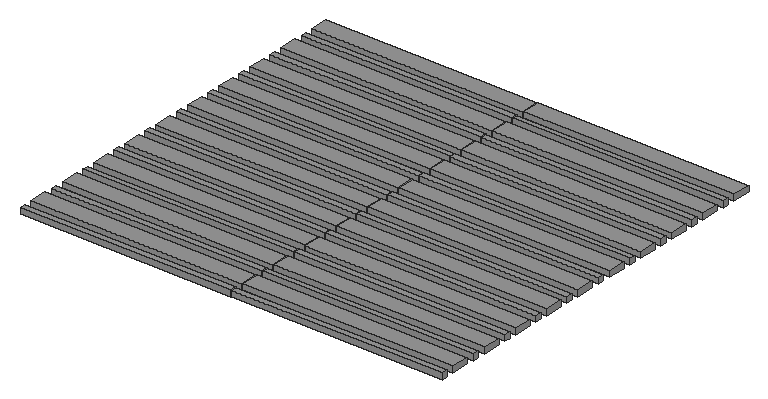
Revit family "BFL-FLD-003_RFA", category Modelos genéricos, Revit 2022
Family settings
  Puede alojar armadura = No
  Cota de conector redondo = Diámetro de uso
  Tipo de pieza = Normal
  Se basa en plano de trabajo = No
  Siempre vertical = Sí
  Corte con vacíos al cargar = No
  Mantener orientación de anotación = No
  Compartido = No
  Punto de cálculo de habitación = No
Parameters
  Elevación por defecto = 0.00"
Reference planes (in)
  plane 1 "Centro (Frontal/Posterior)": y = 0
  plane 2: z = 0
  plane 3 "Centro (Izquierda/Derecha)": x = 0
Forms (in)
  Extrusion 1, solid, not visible
    sketch origin (0, 0, 0) x (1, 0, 0) y (0, 1, 0)
      loop
        line (0, 2.25) -> (0, 0) -> (108, 0) -> (108, 2.25) -> (0, 2.25)
    from 0 to 8
  Extrusion 2, solid, not visible
    sketch origin (0, 0, 0) x (1, 0, 0) y (0, 1, 0)
      loop
        line (0, 2.25) -> (0, 0) -> (108, 0) -> (108, 2.25) -> (0, 2.25)
    from 0 to 8
  Extrusion 3, solid, not visible
    sketch origin (0, 8, 0) x (1, 0, 0) y (0, 1, 0)
      loop
        line (0, 2.25) -> (0, 0) -> (108, 0) -> (108, 2.25) -> (0, 2.25)
    from 0 to 8
  Extrusion 4, solid, not visible
    sketch origin (0, 16, 0) x (1, 0, 0) y (0, 1, 0)
      loop
        line (0, 2.25) -> (0, 0) -> (108, 0) -> (108, 2.25) -> (0, 2.25)
    from 0 to 8
  Extrusion 5, solid, not visible
    sketch origin (0, 24, 0) x (1, 0, 0) y (0, 1, 0)
      loop
        line (0, 2.25) -> (0, 0) -> (108, 0) -> (108, 2.25) -> (0, 2.25)
    from 0 to 8
  Extrusion 6, solid, not visible
    sketch origin (0, 32, 0) x (1, 0, 0) y (0, 1, 0)
      loop
        line (0, 2.25) -> (0, 0) -> (108, 0) -> (108, 2.25) -> (0, 2.25)
    from 0 to 8
  Extrusion 7, solid, not visible
    sketch origin (0, 40, 0) x (1, 0, 0) y (0, 1, 0)
      loop
        line (0, 2.25) -> (0, 0) -> (108, 0) -> (108, 2.25) -> (0, 2.25)
    from 0 to 8
  Extrusion 8, solid, not visible
    sketch origin (0, 48, 0) x (1, 0, 0) y (0, 1, 0)
      loop
        line (0, 2.25) -> (0, 0) -> (108, 0) -> (108, 2.25) -> (0, 2.25)
    from 0 to 8
  Extrusion 9, solid, not visible
    sketch origin (0, 56, 0) x (1, 0, 0) y (0, 1, 0)
      loop
        line (0, 2.25) -> (0, 0) -> (108, 0) -> (108, 2.25) -> (0, 2.25)
    from 0 to 8
  Extrusion 10, solid, not visible
    sketch origin (0, 64, 0) x (1, 0, 0) y (0, 1, 0)
      loop
        line (0, 2.25) -> (0, 0) -> (108, 0) -> (108, 2.25) -> (0, 2.25)
    from 0 to 8
  Extrusion 11, solid, not visible
    sketch origin (0, 72, 0) x (1, 0, 0) y (0, 1, 0)
      loop
        line (0, 2.25) -> (0, 0) -> (108, 0) -> (108, 2.25) -> (0, 2.25)
    from 0 to 8
  Extrusion 12, solid, not visible
    sketch origin (0, 80, 0) x (1, 0, 0) y (0, 1, 0)
      loop
        line (0, 2.25) -> (0, 0) -> (108, 0) -> (108, 2.25) -> (0, 2.25)
    from 0 to 8
  Extrusion 13, solid, not visible
    sketch origin (0, 88, 0) x (1, 0, 0) y (0, 1, 0)
      loop
        line (0, 2.25) -> (0, 0) -> (108, 0) -> (108, 2.25) -> (0, 2.25)
    from 0 to 8
  Extrusion 14, solid, not visible
    sketch origin (0, 96, 0) x (1, 0, 0) y (0, 1, 0)
      loop
        line (0, 2.25) -> (0, 0) -> (108, 0) -> (108, 2.25) -> (0, 2.25)
    from 0 to 8
  Extrusion 15, solid, not visible
    sketch origin (0, 104, 0) x (1, 0, 0) y (0, 1, 0)
      loop
        line (0, 2.25) -> (0, 0) -> (108, 0) -> (108, 2.25) -> (0, 2.25)
    from 0 to 8
  Extrusion 16, solid, not visible
    sketch origin (0, 112, 0) x (1, 0, 0) y (0, 1, 0)
      loop
        line (0, 2.25) -> (0, 0) -> (108, 0) -> (108, 2.25) -> (0, 2.25)
    from 0 to 8
  Extrusion 17, solid, not visible
    sketch origin (0, 120, 0) x (1, 0, 0) y (0, 1, 0)
      loop
        line (0, 2.25) -> (0, 0) -> (108, 0) -> (108, 2.25) -> (0, 2.25)
    from 0 to 8
  Extrusion 18, solid, not visible
    sketch origin (0, 128, 0) x (1, 0, 0) y (0, 1, 0)
      loop
        line (0, 2.25) -> (0, 0) -> (108, 0) -> (108, 2.25) -> (0, 2.25)
    from 0 to 8
  Extrusion 19, solid, not visible
    sketch origin (0, 136, 0) x (1, 0, 0) y (0, 1, 0)
      loop
        line (0, 2.25) -> (0, 0) -> (108, 0) -> (108, 2.25) -> (0, 2.25)
    from 0 to 8
  Extrusion 20, solid, not visible
    sketch origin (0, 144, 0) x (1, 0, 0) y (0, 1, 0)
      loop
        line (0, 2.25) -> (0, 0) -> (108, 0) -> (108, 2.25) -> (0, 2.25)
    from 0 to 8
  Extrusion 21, solid, not visible
    sketch origin (0, 152, 0) x (1, 0, 0) y (0, 1, 0)
      loop
        line (0, 2.25) -> (0, 0) -> (108, 0) -> (108, 2.25) -> (0, 2.25)
    from 0 to 8
  Extrusion 22, solid, not visible
    sketch origin (109, 0, 0) x (1, 0, 0) y (0, 1, 0)
      loop
        line (0, 2.25) -> (0, 0) -> (108, 0) -> (108, 2.25) -> (0, 2.25)
    from 0 to 8
  Extrusion 23, solid, not visible
    sketch origin (109, 8, 0) x (1, 0, 0) y (0, 1, 0)
      loop
        line (0, 2.25) -> (0, 0) -> (108, 0) -> (108, 2.25) -> (0, 2.25)
    from 0 to 8
  Extrusion 24, solid, not visible
    sketch origin (109, 16, 0) x (1, 0, 0) y (0, 1, 0)
      loop
        line (0, 2.25) -> (0, 0) -> (108, 0) -> (108, 2.25) -> (0, 2.25)
    from 0 to 8
  Extrusion 25, solid, not visible
    sketch origin (109, 24, 0) x (1, 0, 0) y (0, 1, 0)
      loop
        line (0, 2.25) -> (0, 0) -> (108, 0) -> (108, 2.25) -> (0, 2.25)
    from 0 to 8
  Extrusion 26, solid, not visible
    sketch origin (109, 32, 0) x (1, 0, 0) y (0, 1, 0)
      loop
        line (0, 2.25) -> (0, 0) -> (108, 0) -> (108, 2.25) -> (0, 2.25)
    from 0 to 8
  Extrusion 27, solid, not visible
    sketch origin (109, 40, 0) x (1, 0, 0) y (0, 1, 0)
      loop
        line (0, 2.25) -> (0, 0) -> (108, 0) -> (108, 2.25) -> (0, 2.25)
    from 0 to 8
  Extrusion 28, solid, not visible
    sketch origin (109, 48, 0) x (1, 0, 0) y (0, 1, 0)
      loop
        line (0, 2.25) -> (0, 0) -> (108, 0) -> (108, 2.25) -> (0, 2.25)
    from 0 to 8
  Extrusion 29, solid, not visible
    sketch origin (109, 56, 0) x (1, 0, 0) y (0, 1, 0)
      loop
        line (0, 2.25) -> (0, 0) -> (108, 0) -> (108, 2.25) -> (0, 2.25)
    from 0 to 8
  Extrusion 30, solid, not visible
    sketch origin (109, 64, 0) x (1, 0, 0) y (0, 1, 0)
      loop
        line (0, 2.25) -> (0, 0) -> (108, 0) -> (108, 2.25) -> (0, 2.25)
    from 0 to 8
  Extrusion 31, solid, not visible
    sketch origin (109, 72, 0) x (1, 0, 0) y (0, 1, 0)
      loop
        line (0, 2.25) -> (0, 0) -> (108, 0) -> (108, 2.25) -> (0, 2.25)
    from 0 to 8
  Extrusion 32, solid, not visible
    sketch origin (109, 80, 0) x (1, 0, 0) y (0, 1, 0)
      loop
        line (0, 2.25) -> (0, 0) -> (108, 0) -> (108, 2.25) -> (0, 2.25)
    from 0 to 8
  Extrusion 33, solid, not visible
    sketch origin (109, 88, 0) x (1, 0, 0) y (0, 1, 0)
      loop
        line (0, 2.25) -> (0, 0) -> (108, 0) -> (108, 2.25) -> (0, 2.25)
    from 0 to 8
  Extrusion 34, solid, not visible
    sketch origin (109, 96, 0) x (1, 0, 0) y (0, 1, 0)
      loop
        line (0, 2.25) -> (0, 0) -> (108, 0) -> (108, 2.25) -> (0, 2.25)
    from 0 to 8
  Extrusion 35, solid, not visible
    sketch origin (109, 104, 0) x (1, 0, 0) y (0, 1, 0)
      loop
        line (0, 2.25) -> (0, 0) -> (108, 0) -> (108, 2.25) -> (0, 2.25)
    from 0 to 8
  Extrusion 36, solid, not visible
    sketch origin (109, 112, 0) x (1, 0, 0) y (0, 1, 0)
      loop
        line (0, 2.25) -> (0, 0) -> (108, 0) -> (108, 2.25) -> (0, 2.25)
    from 0 to 8
  Extrusion 37, solid, not visible
    sketch origin (109, 120, 0) x (1, 0, 0) y (0, 1, 0)
      loop
        line (0, 2.25) -> (0, 0) -> (108, 0) -> (108, 2.25) -> (0, 2.25)
    from 0 to 8
  Extrusion 38, solid, not visible
    sketch origin (109, 128, 0) x (1, 0, 0) y (0, 1, 0)
      loop
        line (0, 2.25) -> (0, 0) -> (108, 0) -> (108, 2.25) -> (0, 2.25)
    from 0 to 8
  Extrusion 39, solid, not visible
    sketch origin (109, 136, 0) x (1, 0, 0) y (0, 1, 0)
      loop
        line (0, 2.25) -> (0, 0) -> (108, 0) -> (108, 2.25) -> (0, 2.25)
    from 0 to 8
  Extrusion 40, solid, not visible
    sketch origin (109, 144, 0) x (1, 0, 0) y (0, 1, 0)
      loop
        line (0, 2.25) -> (0, 0) -> (108, 0) -> (108, 2.25) -> (0, 2.25)
    from 0 to 8
  Extrusion 41, solid, not visible
    sketch origin (109, 152, 0) x (1, 0, 0) y (0, 1, 0)
      loop
        line (0, 2.25) -> (0, 0) -> (108, 0) -> (108, 2.25) -> (0, 2.25)
    from 0 to 8
  Extrusion 42, solid, not visible
    sketch origin (-108, 0, 0) x (1, 0, 0) y (0, 1, 0)
      loop
        line (0, 2.25) -> (0, 0) -> (108, 0) -> (108, 2.25) -> (0, 2.25)
    from 0 to 8
  Extrusion 43, solid, not visible
    sketch origin (-108, 8, 0) x (1, 0, 0) y (0, 1, 0)
      loop
        line (0, 2.25) -> (0, 0) -> (108, 0) -> (108, 2.25) -> (0, 2.25)
    from 0 to 8
  Extrusion 44, solid, not visible
    sketch origin (-108, 16, 0) x (1, 0, 0) y (0, 1, 0)
      loop
        line (0, 2.25) -> (0, 0) -> (108, 0) -> (108, 2.25) -> (0, 2.25)
    from 0 to 8
  Extrusion 45, solid, not visible
    sketch origin (-108, 24, 0) x (1, 0, 0) y (0, 1, 0)
      loop
        line (0, 2.25) -> (0, 0) -> (108, 0) -> (108, 2.25) -> (0, 2.25)
    from 0 to 8
  Extrusion 46, solid, not visible
    sketch origin (-108, 32, 0) x (1, 0, 0) y (0, 1, 0)
      loop
        line (0, 2.25) -> (0, 0) -> (108, 0) -> (108, 2.25) -> (0, 2.25)
    from 0 to 8
  Extrusion 47, solid, not visible
    sketch origin (-108, 40, 0) x (1, 0, 0) y (0, 1, 0)
      loop
        line (0, 2.25) -> (0, 0) -> (108, 0) -> (108, 2.25) -> (0, 2.25)
    from 0 to 8
  Extrusion 48, solid, not visible
    sketch origin (1, 0, 0) x (1, 0, 0) y (0, 1, 0)
      loop
        line (0, 2.25) -> (0, 0) -> (108, 0) -> (108, 2.25) -> (0, 2.25)
    from 0 to 8
  Extrusion 49, solid, not visible
    sketch origin (1, 8, 0) x (1, 0, 0) y (0, 1, 0)
      loop
        line (0, 2.25) -> (0, 0) -> (108, 0) -> (108, 2.25) -> (0, 2.25)
    from 0 to 8
  Extrusion 50, solid, not visible
    sketch origin (1, 16, 0) x (1, 0, 0) y (0, 1, 0)
      loop
        line (0, 2.25) -> (0, 0) -> (108, 0) -> (108, 2.25) -> (0, 2.25)
    from 0 to 8
  Extrusion 51, solid, not visible
    sketch origin (1, 24, 0) x (1, 0, 0) y (0, 1, 0)
      loop
        line (0, 2.25) -> (0, 0) -> (108, 0) -> (108, 2.25) -> (0, 2.25)
    from 0 to 8
  Extrusion 52, solid, not visible
    sketch origin (1, 32, 0) x (1, 0, 0) y (0, 1, 0)
      loop
        line (0, 2.25) -> (0, 0) -> (108, 0) -> (108, 2.25) -> (0, 2.25)
    from 0 to 8
  Extrusion 53, solid, not visible
    sketch origin (1, 40, 0) x (1, 0, 0) y (0, 1, 0)
      loop
        line (0, 2.25) -> (0, 0) -> (108, 0) -> (108, 2.25) -> (0, 2.25)
    from 0 to 8
  Extrusion 54, solid, not visible
    sketch origin (-108, 48, 0) x (1, 0, 0) y (0, 1, 0)
      loop
        line (0, 2.25) -> (0, 0) -> (108, 0) -> (108, 2.25) -> (0, 2.25)
    from 0 to 8
  Extrusion 55, solid, not visible
    sketch origin (-108, 56, 0) x (1, 0, 0) y (0, 1, 0)
      loop
        line (0, 2.25) -> (0, 0) -> (108, 0) -> (108, 2.25) -> (0, 2.25)
    from 0 to 8
  Extrusion 56, solid, not visible
    sketch origin (-108, 64, 0) x (1, 0, 0) y (0, 1, 0)
      loop
        line (0, 2.25) -> (0, 0) -> (108, 0) -> (108, 2.25) -> (0, 2.25)
    from 0 to 8
  Extrusion 57, solid, not visible
    sketch origin (-108, 72, 0) x (1, 0, 0) y (0, 1, 0)
      loop
        line (0, 2.25) -> (0, 0) -> (108, 0) -> (108, 2.25) -> (0, 2.25)
    from 0 to 8
  Extrusion 58, solid, not visible
    sketch origin (-108, 80, 0) x (1, 0, 0) y (0, 1, 0)
      loop
        line (0, 2.25) -> (0, 0) -> (108, 0) -> (108, 2.25) -> (0, 2.25)
    from 0 to 8
  Extrusion 59, solid, not visible
    sketch origin (1, 48, 0) x (1, 0, 0) y (0, 1, 0)
      loop
        line (0, 2.25) -> (0, 0) -> (108, 0) -> (108, 2.25) -> (0, 2.25)
    from 0 to 8
  Extrusion 60, solid, not visible
    sketch origin (1, 56, 0) x (1, 0, 0) y (0, 1, 0)
      loop
        line (0, 2.25) -> (0, 0) -> (108, 0) -> (108, 2.25) -> (0, 2.25)
    from 0 to 8
  Extrusion 61, solid, not visible
    sketch origin (1, 64, 0) x (1, 0, 0) y (0, 1, 0)
      loop
        line (0, 2.25) -> (0, 0) -> (108, 0) -> (108, 2.25) -> (0, 2.25)
    from 0 to 8
  Extrusion 62, solid, not visible
    sketch origin (1, 72, 0) x (1, 0, 0) y (0, 1, 0)
      loop
        line (0, 2.25) -> (0, 0) -> (108, 0) -> (108, 2.25) -> (0, 2.25)
    from 0 to 8
  Extrusion 63, solid, not visible
    sketch origin (1, 80, 0) x (1, 0, 0) y (0, 1, 0)
      loop
        line (0, 2.25) -> (0, 0) -> (108, 0) -> (108, 2.25) -> (0, 2.25)
    from 0 to 8
  Extrusion 64, solid, not visible
    sketch origin (-108, 88, 0) x (1, 0, 0) y (0, 1, 0)
      loop
        line (0, 2.25) -> (0, 0) -> (108, 0) -> (108, 2.25) -> (0, 2.25)
    from 0 to 8
  Extrusion 65, solid, not visible
    sketch origin (-108, 96, 0) x (1, 0, 0) y (0, 1, 0)
      loop
        line (0, 2.25) -> (0, 0) -> (108, 0) -> (108, 2.25) -> (0, 2.25)
    from 0 to 8
  Extrusion 66, solid, not visible
    sketch origin (-108, 104, 0) x (1, 0, 0) y (0, 1, 0)
      loop
        line (0, 2.25) -> (0, 0) -> (108, 0) -> (108, 2.25) -> (0, 2.25)
    from 0 to 8
  Extrusion 67, solid, not visible
    sketch origin (-108, 112, 0) x (1, 0, 0) y (0, 1, 0)
      loop
        line (0, 2.25) -> (0, 0) -> (108, 0) -> (108, 2.25) -> (0, 2.25)
    from 0 to 8
  Extrusion 68, solid, not visible
    sketch origin (-108, 120, 0) x (1, 0, 0) y (0, 1, 0)
      loop
        line (0, 2.25) -> (0, 0) -> (108, 0) -> (108, 2.25) -> (0, 2.25)
    from 0 to 8
  Extrusion 69, solid, not visible
    sketch origin (1, 88, 0) x (1, 0, 0) y (0, 1, 0)
      loop
        line (0, 2.25) -> (0, 0) -> (108, 0) -> (108, 2.25) -> (0, 2.25)
    from 0 to 8
  Extrusion 70, solid, not visible
    sketch origin (1, 96, 0) x (1, 0, 0) y (0, 1, 0)
      loop
        line (0, 2.25) -> (0, 0) -> (108, 0) -> (108, 2.25) -> (0, 2.25)
    from 0 to 8
  Extrusion 71, solid, not visible
    sketch origin (1, 104, 0) x (1, 0, 0) y (0, 1, 0)
      loop
        line (0, 2.25) -> (0, 0) -> (108, 0) -> (108, 2.25) -> (0, 2.25)
    from 0 to 8
  Extrusion 72, solid, not visible
    sketch origin (1, 112, 0) x (1, 0, 0) y (0, 1, 0)
      loop
        line (0, 2.25) -> (0, 0) -> (108, 0) -> (108, 2.25) -> (0, 2.25)
    from 0 to 8
  Extrusion 73, solid, not visible
    sketch origin (1, 120, 0) x (1, 0, 0) y (0, 1, 0)
      loop
        line (0, 2.25) -> (0, 0) -> (108, 0) -> (108, 2.25) -> (0, 2.25)
    from 0 to 8
  Extrusion 74, solid, not visible
    sketch origin (-108, 128, 0) x (1, 0, 0) y (0, 1, 0)
      loop
        line (0, 2.25) -> (0, 0) -> (108, 0) -> (108, 2.25) -> (0, 2.25)
    from 0 to 8
  Extrusion 75, solid, not visible
    sketch origin (-108, 136, 0) x (1, 0, 0) y (0, 1, 0)
      loop
        line (0, 2.25) -> (0, 0) -> (108, 0) -> (108, 2.25) -> (0, 2.25)
    from 0 to 8
  Extrusion 76, solid, not visible
    sketch origin (-108, 144, 0) x (1, 0, 0) y (0, 1, 0)
      loop
        line (0, 2.25) -> (0, 0) -> (108, 0) -> (108, 2.25) -> (0, 2.25)
    from 0 to 8
  Extrusion 77, solid, not visible
    sketch origin (-108, 152, 0) x (1, 0, 0) y (0, 1, 0)
      loop
        line (0, 2.25) -> (0, 0) -> (108, 0) -> (108, 2.25) -> (0, 2.25)
    from 0 to 8
  Extrusion 78, solid, not visible
    sketch origin (-108, 160, 0) x (1, 0, 0) y (0, 1, 0)
      loop
        line (0, 2.25) -> (0, 0) -> (108, 0) -> (108, 2.25) -> (0, 2.25)
    from 0 to 8
  Extrusion 79, solid, not visible
    sketch origin (1, 128, 0) x (1, 0, 0) y (0, 1, 0)
      loop
        line (0, 2.25) -> (0, 0) -> (108, 0) -> (108, 2.25) -> (0, 2.25)
    from 0 to 8
  Extrusion 80, solid, not visible
    sketch origin (1, 136, 0) x (1, 0, 0) y (0, 1, 0)
      loop
        line (0, 2.25) -> (0, 0) -> (108, 0) -> (108, 2.25) -> (0, 2.25)
    from 0 to 8
  Extrusion 81, solid, not visible
    sketch origin (1, 144, 0) x (1, 0, 0) y (0, 1, 0)
      loop
        line (0, 2.25) -> (0, 0) -> (108, 0) -> (108, 2.25) -> (0, 2.25)
    from 0 to 8
  Extrusion 82, solid, not visible
    sketch origin (1, 152, 0) x (1, 0, 0) y (0, 1, 0)
      loop
        line (0, 2.25) -> (0, 0) -> (108, 0) -> (108, 2.25) -> (0, 2.25)
    from 0 to 8
  Extrusion 83, solid, not visible
    sketch origin (1, 160, 0) x (1, 0, 0) y (0, 1, 0)
      loop
        line (0, 2.25) -> (0, 0) -> (108, 0) -> (108, 2.25) -> (0, 2.25)
    from 0 to 8
  Extrusion 84, solid, not visible
    sketch origin (0, 0, 0) x (1, 0, 0) y (0, 1, 0)
      loop
        line (0, 3) -> (0, 0) -> (108, 0) -> (108, 3) -> (0, 3)
    from 0 to 8
  Extrusion 85, void, not visible
    sketch origin (0, 0, 0) x (1, 0, 0) y (0, 1, 0)
      loop
        line (6, 2) -> (6, 1) -> (66, 1) -> (66, 2) -> (6, 2)
    from 0 to 1.03
  Extrusion 86, solid, not visible
    sketch origin (0, 0, 0) x (1, 0, 0) y (0, 1, 0)
      loop
        line (0, 3) -> (0, 0) -> (108, 0) -> (108, 3) -> (0, 3)
    from 0 to 8
  Extrusion 87, void, not visible
    sketch origin (0, 0, 0) x (1, 0, 0) y (0, 1, 0)
      loop
        line (6, 2) -> (6, 1) -> (66, 1) -> (66, 2) -> (6, 2)
    from 0 to 1.03
  Extrusion 88, solid, not visible
    sketch origin (0, 0, 0) x (1, 0, 0) y (0, 1, 0)
      loop
        line (6, 2) -> (6, 1) -> (66, 1) -> (66, 2) -> (6, 2)
    from 0 to 1.03
  Extrusion 89, solid
    sketch origin (0, 8, 0) x (1, 0, 0) y (0, 1, 0)
      loop
        line (0, -5) -> (0, -8) -> (108, -8) -> (108, -5) -> (0, -5)
    from 0 to 3
  Extrusion 90, solid, not visible
    sketch origin (0, 32, 0) x (1, 0, 0) y (0, 1, 0)
      loop
        line (0, 3) -> (0, 0) -> (108, 0) -> (108, 3) -> (0, 3)
    from 0 to 8
  Extrusion 91, void, not visible
    sketch origin (0, 32, 0) x (1, 0, 0) y (0, 1, 0)
      loop
        line (6, 2) -> (6, 1) -> (102, 1) -> (102, 2) -> (6, 2)
    from 0 to 1.03
  Extrusion 92, solid
    sketch origin (0, 15, 0) x (1, 0, 0) y (0, 1, 0)
      loop
        line (0, 1) -> (0, -8) -> (108, -8) -> (108, 1) -> (0, 1)
    from 0 to 3
  Extrusion 93, solid
    sketch origin (0, 28, 0) x (1, 0, 0) y (0, 1, 0)
      loop
        line (0, -5) -> (0, -8) -> (108, -8) -> (108, -5) -> (0, -5)
    from 0 to 3
  Extrusion 94, solid
    sketch origin (0, 35, 0) x (1, 0, 0) y (0, 1, 0)
      loop
        line (0, 1) -> (0, -8) -> (108, -8) -> (108, 1) -> (0, 1)
    from 0 to 3
  Extrusion 95, solid
    sketch origin (0, 48, 0) x (1, 0, 0) y (0, 1, 0)
      loop
        line (0, -5) -> (0, -8) -> (108, -8) -> (108, -5) -> (0, -5)
    from 0 to 3
  Extrusion 96, solid
    sketch origin (0, 55, 0) x (1, 0, 0) y (0, 1, 0)
      loop
        line (0, 1) -> (0, -8) -> (108, -8) -> (108, 1) -> (0, 1)
    from 0 to 3
  Extrusion 97, solid
    sketch origin (108.25, 8, 0) x (1, 0, 0) y (0, 1, 0)
      loop
        line (0, -5) -> (0, -8) -> (108, -8) -> (108, -5) -> (0, -5)
    from 0 to 3
  Extrusion 98, solid
    sketch origin (108.25, 15, 0) x (1, 0, 0) y (0, 1, 0)
      loop
        line (0, 1) -> (0, -8) -> (108, -8) -> (108, 1) -> (0, 1)
    from 0 to 3
  Extrusion 99, solid
    sketch origin (108.25, 28, 0) x (1, 0, 0) y (0, 1, 0)
      loop
        line (0, -5) -> (0, -8) -> (108, -8) -> (108, -5) -> (0, -5)
    from 0 to 3
  Extrusion 100, solid
    sketch origin (108.25, 35, 0) x (1, 0, 0) y (0, 1, 0)
      loop
        line (0, 1) -> (0, -8) -> (108, -8) -> (108, 1) -> (0, 1)
    from 0 to 3
  Extrusion 101, solid
    sketch origin (108.25, 48, 0) x (1, 0, 0) y (0, 1, 0)
      loop
        line (0, -5) -> (0, -8) -> (108, -8) -> (108, -5) -> (0, -5)
    from 0 to 3
  Extrusion 102, solid
    sketch origin (108.25, 55, 0) x (1, 0, 0) y (0, 1, 0)
      loop
        line (0, 1) -> (0, -8) -> (108, -8) -> (108, 1) -> (0, 1)
    from 0 to 3
  Extrusion 103, solid
    sketch origin (0, 68, 0) x (1, 0, 0) y (0, 1, 0)
      loop
        line (0, -5) -> (0, -8) -> (108, -8) -> (108, -5) -> (0, -5)
    from 0 to 3
  Extrusion 104, solid
    sketch origin (0, 75, 0) x (1, 0, 0) y (0, 1, 0)
      loop
        line (0, 1) -> (0, -8) -> (108, -8) -> (108, 1) -> (0, 1)
    from 0 to 3
  Extrusion 105, solid
    sketch origin (0, 88, 0) x (1, 0, 0) y (0, 1, 0)
      loop
        line (0, -5) -> (0, -8) -> (108, -8) -> (108, -5) -> (0, -5)
    from 0 to 3
  Extrusion 106, solid
    sketch origin (0, 95, 0) x (1, 0, 0) y (0, 1, 0)
      loop
        line (0, 1) -> (0, -8) -> (108, -8) -> (108, 1) -> (0, 1)
    from 0 to 3
  Extrusion 107, solid
    sketch origin (0, 108, 0) x (1, 0, 0) y (0, 1, 0)
      loop
        line (0, -5) -> (0, -8) -> (108, -8) -> (108, -5) -> (0, -5)
    from 0 to 3
  Extrusion 108, solid
    sketch origin (0, 115, 0) x (1, 0, 0) y (0, 1, 0)
      loop
        line (0, 1) -> (0, -8) -> (108, -8) -> (108, 1) -> (0, 1)
    from 0 to 3
  Extrusion 109, solid
    sketch origin (108.25, 68, 0) x (1, 0, 0) y (0, 1, 0)
      loop
        line (0, -5) -> (0, -8) -> (108, -8) -> (108, -5) -> (0, -5)
    from 0 to 3
  Extrusion 110, solid
    sketch origin (108.25, 75, 0) x (1, 0, 0) y (0, 1, 0)
      loop
        line (0, 1) -> (0, -8) -> (108, -8) -> (108, 1) -> (0, 1)
    from 0 to 3
  Extrusion 111, solid
    sketch origin (108.25, 88, 0) x (1, 0, 0) y (0, 1, 0)
      loop
        line (0, -5) -> (0, -8) -> (108, -8) -> (108, -5) -> (0, -5)
    from 0 to 3
  Extrusion 112, solid
    sketch origin (108.25, 95, 0) x (1, 0, 0) y (0, 1, 0)
      loop
        line (0, 1) -> (0, -8) -> (108, -8) -> (108, 1) -> (0, 1)
    from 0 to 3
  Extrusion 113, solid
    sketch origin (108.25, 108, 0) x (1, 0, 0) y (0, 1, 0)
      loop
        line (0, -5) -> (0, -8) -> (108, -8) -> (108, -5) -> (0, -5)
    from 0 to 3
  Extrusion 114, solid
    sketch origin (108.25, 115, 0) x (1, 0, 0) y (0, 1, 0)
      loop
        line (0, 1) -> (0, -8) -> (108, -8) -> (108, 1) -> (0, 1)
    from 0 to 3
  Extrusion 115, solid
    sketch origin (0, 128, 0) x (1, 0, 0) y (0, 1, 0)
      loop
        line (0, -5) -> (0, -8) -> (108, -8) -> (108, -5) -> (0, -5)
    from 0 to 3
  Extrusion 116, solid
    sketch origin (0, 135, 0) x (1, 0, 0) y (0, 1, 0)
      loop
        line (0, 1) -> (0, -8) -> (108, -8) -> (108, 1) -> (0, 1)
    from 0 to 3
  Extrusion 117, solid
    sketch origin (0, 148, 0) x (1, 0, 0) y (0, 1, 0)
      loop
        line (0, -5) -> (0, -8) -> (108, -8) -> (108, -5) -> (0, -5)
    from 0 to 3
  Extrusion 118, solid
    sketch origin (0, 155, 0) x (1, 0, 0) y (0, 1, 0)
      loop
        line (0, 1) -> (0, -8) -> (108, -8) -> (108, 1) -> (0, 1)
    from 0 to 3
  Extrusion 119, solid
    sketch origin (0, 168, 0) x (1, 0, 0) y (0, 1, 0)
      loop
        line (0, -5) -> (0, -8) -> (108, -8) -> (108, -5) -> (0, -5)
    from 0 to 3
  Extrusion 120, solid
    sketch origin (0, 175, 0) x (1, 0, 0) y (0, 1, 0)
      loop
        line (0, 1) -> (0, -8) -> (108, -8) -> (108, 1) -> (0, 1)
    from 0 to 3
  Extrusion 121, solid
    sketch origin (108.25, 128, 0) x (1, 0, 0) y (0, 1, 0)
      loop
        line (0, -5) -> (0, -8) -> (108, -8) -> (108, -5) -> (0, -5)
    from 0 to 3
  Extrusion 122, solid
    sketch origin (108.25, 135, 0) x (1, 0, 0) y (0, 1, 0)
      loop
        line (0, 1) -> (0, -8) -> (108, -8) -> (108, 1) -> (0, 1)
    from 0 to 3
  Extrusion 123, solid
    sketch origin (108.25, 148, 0) x (1, 0, 0) y (0, 1, 0)
      loop
        line (0, -5) -> (0, -8) -> (108, -8) -> (108, -5) -> (0, -5)
    from 0 to 3
  Extrusion 124, solid
    sketch origin (108.25, 155, 0) x (1, 0, 0) y (0, 1, 0)
      loop
        line (0, 1) -> (0, -8) -> (108, -8) -> (108, 1) -> (0, 1)
    from 0 to 3
  Extrusion 125, solid
    sketch origin (108.25, 168, 0) x (1, 0, 0) y (0, 1, 0)
      loop
        line (0, -5) -> (0, -8) -> (108, -8) -> (108, -5) -> (0, -5)
    from 0 to 3
  Extrusion 126, solid
    sketch origin (108.25, 175, 0) x (1, 0, 0) y (0, 1, 0)
      loop
        line (0, 1) -> (0, -8) -> (108, -8) -> (108, 1) -> (0, 1)
    from 0 to 3
  Extrusion 127, solid
    sketch origin (0, 188, 0) x (1, 0, 0) y (0, 1, 0)
      loop
        line (0, -5) -> (0, -8) -> (108, -8) -> (108, -5) -> (0, -5)
    from 0 to 3
  Extrusion 128, solid
    sketch origin (0, 195, 0) x (1, 0, 0) y (0, 1, 0)
      loop
        line (0, 1) -> (0, -8) -> (108, -8) -> (108, 1) -> (0, 1)
    from 0 to 3
  Extrusion 129, solid
    sketch origin (108.25, 188, 0) x (1, 0, 0) y (0, 1, 0)
      loop
        line (0, -5) -> (0, -8) -> (108, -8) -> (108, -5) -> (0, -5)
    from 0 to 3
  Extrusion 130, solid
    sketch origin (108.25, 195, 0) x (1, 0, 0) y (0, 1, 0)
      loop
        line (0, 1) -> (0, -8) -> (108, -8) -> (108, 1) -> (0, 1)
    from 0 to 3
Dimensions and locks (in)
  Extrusion 89 to Extrusion 89 to Extrusion 97 to Extrusion 97 = 108.00", 0.25", 108.00"  (x2)
  Extrusion 89 to Extrusion 89 = 3.00"  (x2)
  Extrusion 98 to Extrusion 97 = 4.00"
  Extrusion 92 to Extrusion 92 = 9.00"
  Extrusion 99 to Extrusion 98 = 4.00"
  Extrusion 93 to Extrusion 93 = 3.00"
  Extrusion 100 to Extrusion 99 = 4.00"
  Extrusion 94 to Extrusion 94 = 9.00"
  Extrusion 101 to Extrusion 100 = 4.00"
  aligned and locked: level to plane 2
